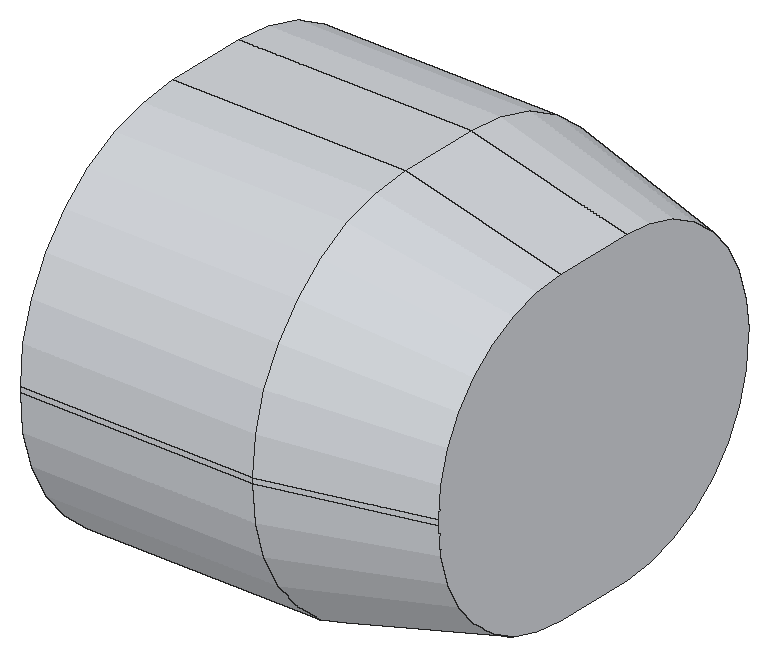
Revit family "96f4a08a0d024d14b83d9bdb8023b280", category Duct Fittings, Revit 2021
Family settings
  Round Connector Dimension = Use Diameter
  Part Type = Tap - Adjustable
  OmniClass Number = 23.75.70.14
  OmniClass Title = Air Ductwork
  Seek Item ID = Oval Tap - Conical-0000-USA-ENU
  Work Plane-Based = No
  Always vertical = Yes
  Cut with Voids When Loaded = No
  Shared = No
Parameters (values of type "Standard")
  built-in parameter 1114214 [instance] = 0' - 6"
  built-in parameter 1114213 [instance] = 0' - 4"
  built-in parameter 1114215 [instance] = if(Duct Width 2 > 1' 4", Duct Width 2 / 4, 0' 4")  # 0.33333 (stored number, unit not read)
  Duct Width 2 [instance] = 10"
  Duct Width 1 [instance] = Duct Width 2 + 0' 2"  # 12"
  Duct Height 2 [instance] = 8"
  Duct Height 1 [instance] = Duct Height 2 + 0' 2"  # 10"
  Default Elevation = 0' - 0"
Reference planes (in)
  plane 1 "Center (Front/Back)": y = 0
  plane 2: z = 0
  plane 3 "Center (Left/Right)": x = 0
  plane 4: x = -6
  plane 5: x = 4
Forms (in)
  Sweep 1, solid, detail levels medium+fine
    path in 3D
      loop
        line (0, 0, 0) -> (-6, 0, 0)
    profile "Duct - Oval : Duct - Oval 1" origin (-3, 0, 0) x (0, -1, 0) y (0, 0, 1)
      loop
        line (-6, 0.0625) -> (-6, -0.0625)
        arc (-6, -0.0625) -> (-4.55384, -3.55384) -> (-1.0625, -5) r 4.9375
        line (-1.0625, -5) -> (1.0625, -5)
        arc (1.0625, -5) -> (4.55384, -3.55384) -> (6, -0.0625) r 4.9375
        line (6, -0.0625) -> (6, 0.0625)
        arc (6, 0.0625) -> (4.55384, 3.55384) -> (1.0625, 5) r 4.9375
        line (1.0625, 5) -> (-1.0625, 5)
        arc (-1.0625, 5) -> (-4.55384, 3.55384) -> (-6, 0.0625) r 4.9375
  SweptBlend 2, solid, detail levels medium+fine
    path in 3D
      loop
        line (0, 0, 0) -> (4, 0, 0)
    profile "Duct - Oval : Duct - Oval 1" origin (0, 0, 0) x (0, 1, 0) y (0, 0, 1)
      loop
        line (-6, 0.0625) -> (-6, -0.0625)
        arc (-6, -0.0625) -> (-4.55384, -3.55384) -> (-1.0625, -5) r 4.9375
        line (-1.0625, -5) -> (1.0625, -5)
        arc (1.0625, -5) -> (4.55384, -3.55384) -> (6, -0.0625) r 4.9375
        line (6, -0.0625) -> (6, 0.0625)
        arc (6, 0.0625) -> (4.55384, 3.55384) -> (1.0625, 5) r 4.9375
        line (1.0625, 5) -> (-1.0625, 5)
        arc (-1.0625, 5) -> (-4.55384, 3.55384) -> (-6, 0.0625) r 4.9375
    end profile "Duct - Oval : Duct - Oval 2" origin (4, 0, 0) x (0, 1, 0) y (0, 0, 1)
      loop
        line (-5, 0.0625) -> (-5, -0.0625)
        arc (-5, -0.0625) -> (-3.84673, -2.84673) -> (-1.0625, -4) r 3.9375
        line (-1.0625, -4) -> (1.0625, -4)
        arc (1.0625, -4) -> (3.84673, -2.84673) -> (5, -0.0625) r 3.9375
        line (5, -0.0625) -> (5, 0.0625)
        arc (5, 0.0625) -> (3.84673, 2.84673) -> (1.0625, 4) r 3.9375
        line (1.0625, 4) -> (-1.0625, 4)
        arc (-1.0625, 4) -> (-3.84673, 2.84673) -> (-5, 0.0625) r 3.9375
Cuts and joins
  joined: Sweep 1, SweptBlend 2
Lines and regions (in)
  model lines, not visible
    curve 1: line (0, 0, 0) -> (4, 0, 0)
  reference lines
    curve 2: line (0, 0, 0) -> (-6, 0, 0)
  sketch lines
    curve 3: line (0, 0, 0) -> (-6, 0, 0)
    curve 4: line (0, 0, 0) -> (4, 0, 0)
Dimensions and locks (in)
  "built-in parameter 1114214": plane 4 to plane 3 "Center (Left/Right)"
  "built-in parameter 1114213": plane 3 "Center (Left/Right)" to plane 5
  aligned and locked: plane 3 "Center (Left/Right)" to curve 1
  aligned and locked: plane 5 to curve 1
  aligned and locked: plane 1 "Center (Front/Back)" to curve 1
  aligned and locked: plane 4 to curve 2
  aligned and locked: plane 3 "Center (Left/Right)" to curve 2
  aligned and locked: curve 2 to plane 1 "Center (Front/Back)"
Connectors (in)
  hvac at (0, 0, 0), driven by "Duct Height 1", driven by "Duct Width 1"
    settings: on Sweep 1, index 1, duct flow 0 CFM, flow factor 0, pres drop 0.00 in-wg, loss coef 0, conn angle 0.00°, conn width 12", conn height 10", conn diameter 24", duct sys type 28, conn prof type 2, flow config 0, flow direction 0, loss method 0, conn ref index 2, conn util no, is conn primary yes, conn desc ""
  hvac at (4, 0, 0), driven by "Duct Height 2", driven by "Duct Width 2"
    settings: on SweptBlend 2, index 2, duct flow 0 CFM, flow factor 0, pres drop 0.00 in-wg, loss coef 0, conn angle 0.00°, conn width 10", conn height 8", conn diameter 24", duct sys type 28, conn prof type 2, flow config 0, flow direction 0, loss method 0, conn ref index 1, conn util no, is conn primary no, conn desc ""
